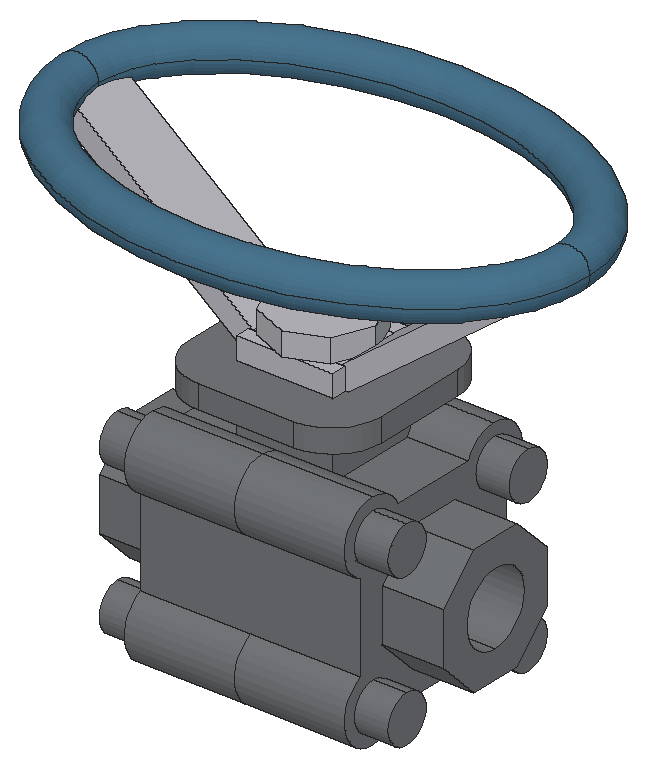
Revit family "321ACSWOH-Ball-Valve", category Pipe Accessories, Revit 2018
Family settings
  Round Connector Dimension = Use Diameter
  Part Type = Valve - Breaks Into
  OmniClass Number = 23.60.30.11.14
  OmniClass Title = Pipework Fittings
  Work Plane-Based = No
  Always vertical = Yes
  Cut with Voids When Loaded = No
  Shared = No
Parameters
  Z4 [instance] = size_lookup(LookupTable, "Z4", 0.000", Nominal Diameter)  # 0.800"
  Z3 [instance] = size_lookup(LookupTable, "Z3", 0.000", Nominal Diameter)  # 0.200"
  Weight [instance] = size_lookup(LookupTable, "Weight", "NA", Nominal Diameter)  # "2.29 lbs."
  URL = "http://www.fnw.com"
  Standards Lookup Table = "Standards"  # constant formula
  R3 [instance] = size_lookup(LookupTable, "R3", 0.000", Nominal Diameter)  # 0.91924"
  Product ID Handle [instance] = size_lookup(LookupTable, "ProductIDHandle", "NA", Nominal Diameter)  # "4448698"
  Product ID [instance] = size_lookup(LookupTable, "ProductID", "NA", Nominal Diameter)  # "4106228"
  Pipe Diameter [instance] = size_lookup(Standards Lookup Table, "copper", 0.000", Nominal Diameter)  # 0.625"
  Pins [instance] = Lm / 2  # 0.650"
  Pin Length [instance] = X2 * 4 + X3  # 2.4726"
  Pin Diameter [instance] = size_lookup(LookupTable, "m", 0.000", Nominal Diameter)  # 0.400"
  Pin Bung [instance] = Pin Diameter * 1.5  # 0.600"
  Part Number Handle [instance] = size_lookup(LookupTable, "PartNumberHandle", "NA", Nominal Diameter)  # "FNW320AOHBF"
  Part Number [instance] = size_lookup(LookupTable, "PartNumber", "NA", Nominal Diameter)  # "FNW321ACSWD"
  PIpe Radius [instance] = Pipe Diameter / 2  # 0.3125"
  Insert [instance] = size_lookup(LookupTable, "insert", 0.000", Nominal Diameter)  # 0.430"
  Manufacturer = "FNW"  # constant formula
  Lm [instance] = size_lookup(LookupTable, "lm", 0.000", Nominal Diameter)  # 1.300"
  Grip Pin4 [instance] = X3 / 2 + (X2 * 2)  # 1.2363"
  Gear [instance] = D3_Half - 0.063"  # 0.3495"
  Description BOM Handle [instance] = size_lookup(LookupTable, "Description_BOMHandle", "NA", Nominal Diameter)  # "1/4 - 3/4 OVAL Handle Kit 320A BV"
  Description BOM [instance] = size_lookup(LookupTable, "Description_BOM", "NA", Nominal Diameter)  # "1/2 CS Stainless Steel 2000# 250# Steam Socket Weld 3 Piece"
  Z2 [instance] = size_lookup(LookupTable, "Z2", 0.000", Nominal Diameter)  # 0.300"
  Z1 [instance] = size_lookup(LookupTable, "Z1", 0.000", Nominal Diameter)  # 0.920"
  X3 [instance] = size_lookup(LookupTable, "X3", 0.000", Nominal Diameter)  # 1.2926"
  X2 [instance] = size_lookup(LookupTable, "X2", 0.000", Nominal Diameter)  # 0.295"
  X1 [instance] = size_lookup(LookupTable, "X1", 0.000", Nominal Diameter)  # 0.5337"
  Show Lever Clearance [instance] = no
  R2 [instance] = size_lookup(LookupTable, "R2", 0.000", Nominal Diameter)  # 0.71924"
  R1_Diam [instance] = R1 * 2  # 1.100"
  R1 [instance] = size_lookup(LookupTable, "R1", 0.000", Nominal Diameter)  # 0.550"
  Nominal Radius [instance] = Nominal Diameter / 2  # 0.250"
  Nominal Diameter [instance] = 0.500"
  LookupTable = "321ACSWOH-Ball-Valve"  # constant formula
  HexAngle1 [instance] = 135.00°  # constant formula
  D4 [instance] = size_lookup(LookupTable, "D4", 0.000", Nominal Diameter)  # 0.375"
  D3_Half [instance] = D3 / 2  # 0.4125"
  D3 [instance] = size_lookup(LookupTable, "D3", 0.000", Nominal Diameter)  # 0.825"
  D2_Half [instance] = D2 / 2  # 0.61875"
  D2 [instance] = size_lookup(LookupTable, "D2", 0.000", Nominal Diameter)  # 1.2375"
  D1_Half [instance] = D1 / 2  # 0.825"
  D1 [instance] = size_lookup(LookupTable, "D1", 0.000", Nominal Diameter)  # 1.650"
  Body_W [instance] = Lm / 2 + 0.125"  # 0.775"
  3_Z3 [instance] = size_lookup(LookupTable, "3_Z3", 0.000", Nominal Diameter)  # 1.3225"
  3_Z1 [instance] = size_lookup(LookupTable, "3_Z1", 0.000", Nominal Diameter)  # 1.500"
  3_Y1 [instance] = size_lookup(LookupTable, "3_Y1", 0.000", Nominal Diameter)  # 2.800"
  3_X3 [instance] = size_lookup(LookupTable, "3_X3", 0.000", Nominal Diameter)  # 0.825"
  3_X1 [instance] = size_lookup(LookupTable, "3_X1", 0.000", Nominal Diameter)  # 4.210"
  3_L1 [instance] = size_lookup(LookupTable, "3_L1", 0.000", Nominal Diameter)  # 0.1875"
  3_D1 [instance] = size_lookup(LookupTable, "3_D1", 0.000", Nominal Diameter)  # 0.355"
Reference planes (in)
  plane 1 "Center (Front/Back)": y = 0
  plane 2: z = 0
  plane 3 "Center (Left/Right)": x = 0
  plane 4 "X7 End": x = -1.475
  plane 5: x = -0.6463
  plane 6: x = 0.6463
  plane 7 "Pipe radius": z = 0.3125
  plane 8: z = 0.55
  plane 9: z = 0.92
  plane 10: z = 1.22
  plane 11 "top of pad": z = 1.42
  plane 12: x = 0.9413
  plane 13: x = -1.045
  plane 14: y = -0.65
  plane 15: z = -0.65
  plane 16: z = 0.65
  plane 17: y = 0.65
  plane 18: x = 10.098
  plane 19: y = 2.5
  plane 20: y = -2.5
  plane 21: y = -0.65
  plane 22: z = -0.65
  plane 23: z = 0.65
  plane 24: y = 0.65
  plane 25: through (0, 0, 0) normal (0, 0.7071, -0.7071)
  plane 26: through (0, 0, 0) normal (0, 0.7071, 0.7071)
  plane 27: y = -0.65
  plane 28: y = 0.65
  plane 29: y = -1.465
  plane 30: z = -1.465
  plane 31: z = 1.465
  plane 32: y = 1.465
  plane 33 "Pin Plane": x = -1.2363
  plane 34 "NPT 3": x = 1.475
  plane 35: x = 1.2363
  plane 36: z = -1.27275
  plane 37 "LM": z = 1.27275
  plane 38: x = -0.9413
  plane 39: x = 1.045
Forms (in)
  Extrusion 1, solid, material "Steel, Black", not visible
    sketch origin (-1.0872, 0, 0) x (0, 0, 1) y (0, -1, 0)
      loop
        circle (0, 0) r 0.25
    from 0.0422 to 2.1322
  Extrusion 2, solid, material "Steel, Black"
    sketch origin (1.4276, 0, 0) x (0, 0, 1) y (0, -1, 0)
      loop
        line (-0.22782, -0.55) -> (0.22782, -0.55) -> (0.55, -0.22782) -> (0.55, 0.22782) -> (0.22782, 0.55) -> (-0.22782, 0.55) -> (-0.55, 0.22782) -> (-0.55, -0.22782) -> (-0.22782, -0.55)
      loop
        circle (0, 0) r 0.3125
    from -2.9026 to 0.0474
  Extrusion 3, solid, material "Steel, Black"
    sketch origin (0, 0, 0.865) x (-1, 0, 0) y (0, -1, 0)
      loop
        arc (0.40833, -0.825) -> (0.70296, -0.70296) -> (0.825, -0.40833) r 0.41667
        line (0.825, -0.40833) -> (0.825, 0.40833)
        arc (0.825, 0.40833) -> (0.70296, 0.70296) -> (0.40833, 0.825) r 0.41667
        line (0.40833, 0.825) -> (-0.40833, 0.825)
        arc (-0.40833, 0.825) -> (-0.70296, 0.70296) -> (-0.825, 0.40833) r 0.41667
        line (-0.825, 0.40833) -> (-0.825, -0.40833)
        arc (-0.825, -0.40833) -> (-0.70296, -0.70296) -> (-0.40833, -0.825) r 0.41667
        line (-0.40833, -0.825) -> (0.40833, -0.825)
      loop
        circle (0, 0) r 0.4125
      loop
        circle (0, 0) r 0.3495
    from 0.355 to 0.555
  Extrusion 4, solid, material "Steel, Black"
    sketch origin (0, 0, 0.865) x (-1, 0, 0) y (0, -1, 0)
      loop
        line (0.4125, -0.4125) -> (0.4125, 0.4125) -> (-0.4125, 0.4125) -> (-0.4125, -0.4125) -> (0.4125, -0.4125)
    from -0.5525 to 0.355
  Extrusion 5, solid, material "Steel, Black"
    sketch origin (0, 0, 0.865) x (-1, 0, 0) y (0, -1, 0)
      loop
        line (0.21875, -0.21875) -> (0.21875, 0.21875) -> (-0.21875, 0.21875) -> (-0.21875, -0.21875) -> (0.21875, -0.21875)
    from 0.055 to 0.555
  Extrusion 6, solid, material "Steel, Black"
    sketch origin (-1.0872, 0, 0) x (0, 0, 1) y (0, -1, 0)
      loop
        circle (0.65, 0.65) r 0.2
      loop
        circle (0.65, -0.65) r 0.2
      loop
        circle (-0.65, -0.65) r 0.2
      loop
        circle (-0.65, 0.65) r 0.2
    from -0.1491 to 2.3235
  Extrusion 7, solid, material "Steel, Black"
    sketch origin (-1.0872, 0, 0) x (0, 0, 1) y (0, -1, 0)
      loop
        circle (0.65, -0.65) r 0.3
      loop
        circle (0.65, 0.65) r 0.3
      loop
        circle (-0.65, 0.65) r 0.3
      loop
        circle (-0.65, -0.65) r 0.3
    from 0.1459 to 1.0872
  Extrusion 8, solid, material "Steel, Black"
    sketch origin (-1.0872, 0, 0) x (0, 0, 1) y (0, -1, 0)
      loop
        circle (0.65, -0.65) r 0.3
      loop
        circle (0.65, 0.65) r 0.3
      loop
        circle (-0.65, 0.65) r 0.3
      loop
        circle (-0.65, -0.65) r 0.3
    from 1.0872 to 2.0285
  Extrusion 9, solid, material "Steel, Black"
    sketch origin (-1.2363, 0, 0) x (0, 0, 1) y (0, -1, 0)
      loop
        line (0.775, -0.775) -> (0.775, 0.775) -> (-0.775, 0.775) -> (-0.775, -0.775) -> (0.775, -0.775)
    from 0.295 to 2.1776
Cuts and joins
  joined: Extrusion 7, Extrusion 8, Extrusion 9
Dimensions and locks (in)
  "PIpe Radius": plane 7 "Pipe radius" to plane 2
  "R1": Extrusion 2 sketch curve to plane 1 "Center (Front/Back)"
  "R1": plane 1 "Center (Front/Back)" to Extrusion 2 sketch curve  (x5)
  "R1": plane 2 to Extrusion 2 sketch curve  (x2)
  "R1": plane 8 to plane 2
  "Z1": plane 9 to plane 2
  "Z2": plane 10 to plane 9
  "Z3": plane 11 "top of pad" to plane 10
  "D1_Half": Extrusion 3 sketch curve to plane 3 "Center (Left/Right)"
  "D1_Half": plane 3 "Center (Left/Right)" to Extrusion 3 sketch curve
  "D1_Half": plane 1 "Center (Front/Back)" to Extrusion 3 sketch curve
  "D1_Half": Extrusion 3 sketch curve to plane 1 "Center (Front/Back)"
  "D3_Half": Extrusion 4 sketch curve to plane 3 "Center (Left/Right)"
  "D3_Half": plane 3 "Center (Left/Right)" to Extrusion 4 sketch curve
  "D3_Half": plane 1 "Center (Front/Back)" to Extrusion 4 sketch curve  (x2)
  equal spacing: Extrusion 5 sketch curve, plane 1 "Center (Front/Back)", Extrusion 5 sketch curve
  Extrusion 5 sketch curve to Extrusion 5 sketch curve = 0.4375"  (x2)
  equal spacing: Extrusion 5 sketch curve, plane 3 "Center (Left/Right)", Extrusion 5 sketch curve
  "Pins": plane 2 to plane 16
  "Pins": plane 2 to plane 15
  "Pins": plane 1 "Center (Front/Back)" to plane 14
  "Pins": plane 17 to plane 1 "Center (Front/Back)"
  equal spacing: plane 19, plane 1 "Center (Front/Back)", plane 20
  plane 19 to plane 20 = 5.000"
  "Pins": plane 24 to plane 1 "Center (Front/Back)" to plane 21
  "Pins": plane 22 to plane 2 to plane 23
  plane 28 to plane 27 = 1.300"
  equal spacing: plane 28, plane 1 "Center (Front/Back)", plane 27
  "Lm": plane 28 to plane 27
  plane 32 to plane 29 = 2.930"
  plane 30 to plane 31 = 2.930"
  "X2": plane 12 to plane 6
  equal spacing: plane 6, plane 3 "Center (Left/Right)", plane 5
  "X3": plane 6 to plane 5
  "X1": plane 34 "NPT 3" to plane 12
  "Grip Pin4": Extrusion 6 to plane 3 "Center (Left/Right)"
  "X2": plane 35 to plane 12
  "Body_W": Extrusion 9 sketch curve to plane 2
  "Body_W": plane 1 "Center (Front/Back)" to Extrusion 9 sketch curve
  "Body_W": plane 2 to Extrusion 9 sketch curve
  "Body_W": Extrusion 9 sketch curve to plane 1 "Center (Front/Back)"
  "X2": plane 5 to plane 38
  "X2": plane 38 to plane 33 "Pin Plane"
  "X1": plane 38 to plane 4 "X7 End"
  "Insert": plane 4 "X7 End" to plane 13
  "Insert": plane 34 "NPT 3" to plane 39
  "Nominal Radius": radius of Extrusion 1 sketch curve
  "PIpe Radius": radius of Extrusion 2 sketch curve
  radius of Extrusion 3 sketch curve = 0.41667"  (x4)
  "D3_Half": radius of Extrusion 3 sketch curve
  "Gear": radius of Extrusion 3 sketch curve
  "Pin Diameter": diameter of Extrusion 6 sketch curve  (x4)
  "Pin Bung": diameter of Extrusion 7 sketch curve  (x4)
  "Pin Bung": diameter of Extrusion 8 sketch curve  (x4)
  angle Extrusion 2 sketch curve to Extrusion 2 sketch curve = 135.00°  (x7)
  aligned and locked: plane 2 to level
  aligned and locked: plane 4 "X7 End" to Extrusion 2
  aligned and locked: Extrusion 3 to plane 10
  aligned and locked: plane 11 "top of pad" to Extrusion 3
  aligned and locked: Extrusion 4 to plane 7 "Pipe radius"
  aligned and locked: Extrusion 1 to plane 13
  aligned and locked: plane 10 to Extrusion 4
  aligned and locked: Extrusion 5 to plane 9
  aligned and locked: plane 12 to Extrusion 8
  aligned and locked: Extrusion 2 to plane 34 "NPT 3"
  aligned and locked: plane 11 "top of pad" to Extrusion 5
  aligned and locked: Extrusion 6 to plane 33 "Pin Plane"
  aligned and locked: plane 3 "Center (Left/Right)" to Extrusion 7
  aligned and locked: Extrusion 8 to plane 3 "Center (Left/Right)"
  aligned and locked: cut or joined group of Extrusion 7, Extrusion 8, Extrusion 9 to plane 38  (x2)
  aligned and locked: plane 38 to cut or joined group of Extrusion 7, Extrusion 8, Extrusion 9
  aligned and locked: plane 39 to Extrusion 1
  aligned and locked: plane 12 to Extrusion 9
Automatic sketch dimensions
  Extrusion 1 sketch curve to level = 0.000"
  Extrusion 1 sketch curve to plane 1 "Center (Front/Back)" = 0.000"
  Extrusion 2 sketch curve to level = 0.000"
  Extrusion 2 sketch curve to plane 1 "Center (Front/Back)" = 0.000"
  Extrusion 3 sketch curve to Extrusion 3 sketch curve = 0.000"  (x2)
  plane 1 "Center (Front/Back)" to Extrusion 3 sketch curve = 0.000"
  Extrusion 3 sketch curve to plane 3 "Center (Left/Right)" = 0.000"
  Extrusion 6 sketch curve to plane 15 = 0.000"  (x2)
  Extrusion 6 sketch curve to plane 14 = 0.000"  (x2)
  plane 16 to Extrusion 6 sketch curve = 0.000"  (x2)
  Extrusion 6 sketch curve to plane 17 = 0.000"  (x2)
  Extrusion 7 sketch curve to plane 21 = 0.000"  (x2)
  Extrusion 7 sketch curve to plane 22 = 0.000"  (x2)
  plane 23 to Extrusion 7 sketch curve = 0.000"  (x2)
  Extrusion 7 sketch curve to plane 24 = 0.000"  (x2)
  plane 25 to Extrusion 8 sketch curve = 0.000"  (x2)
  Extrusion 8 sketch curve to plane 27 = 0.000"  (x2)
  plane 26 to Extrusion 8 sketch curve = 0.000"  (x2)
  Extrusion 8 sketch curve to plane 28 = 0.000"  (x2)
Nested families (in)
  nested 1: "Oval Handle 321ACSWOH" at (0, 0, 1.42) x (-1, 0, 0) z (0, 0, 1), 3_D1 <- "3_D1", 3_L1 <- "3_L1", 3_X1 <- "3_X1", 3_X3 <- "3_X3", 3_Y1 <- "3_Y1", 3_Z1 <- "3_Z1", 3_Z3 <- "3_Z3", D3 <- "D3", Z3 <- "Z3", Description BOM <- "Description BOM Handle", Part Number <- "Product ID Handle", Product ID <- "Product ID Handle", type "Oval Handle 321ACSWOH"
    with b 2.105", a 1.22375", Z3 0.200", Show Lever Clearance yes, Product ID "4448698", Part Number "4448698", Description BOM "1/4 - 3/4 OVAL Handle Kit 320A BV", D3 0.825", Center of Oval Handle 1.41125", Angle Hex Head 135.00°, 3_Z3 1.3225", 3_Z2 0.125", 3_Z1 1.500", 3_Y1 2.800", 3_X3 0.825", 3_X1 4.210", 3_L1_Half 0.09375", 3_L1 0.1875", 3_D1_Radius 0.1775", 3_D1 0.355"
Connectors (in)
  piping at (-1.045, 0, 0), diameter 0.5, driven by "Nominal Diameter"
    settings: on Extrusion 1, index 1, connector inside diameter 24", connector length 0.000", flow factor 0, pipe flow 0 GPM, pressure drop 0.00 psi, fitting loss kfactor 0, connector angle 0.00°, fixture units 0, engagement length 0.000", angle of deflection 0.00°, flow configuration 0, flow direction 0, fitting loss method 0, system type 7, joint type 0, gender type 0, connector reference index 2, connector utility 0, adjustable connector no, is connector primary yes, connector description ""
  piping at (1.045, 0, 0), diameter 0.5, driven by "Nominal Diameter"
    settings: on Extrusion 1, index 2, connector inside diameter 24", connector length 0.000", flow factor 0, pipe flow 0 GPM, pressure drop 0.00 psi, fitting loss kfactor 0, connector angle 0.00°, fixture units 0, engagement length 0.000", angle of deflection 0.00°, flow configuration 0, flow direction 0, fitting loss method 0, system type 7, joint type 0, gender type 0, connector reference index 1, connector utility 0, adjustable connector no, is connector primary no, connector description ""
Definition of nested family "Oval Handle 321ACSWOH"
  Parameters (values of type "Oval Handle  320ASW")
    b [instance] = [3_X1] / 2  # 2.105"
    a [instance] = Center of Oval Handle - [3_L1]  # 1.34375"
    Z3 [instance] = 0.14279"
    Product ID [instance] = ""
    Part Number [instance] = ""
    Description BOM [instance] = ""
    D3 [instance] = 0.27676"
    Center of Oval Handle [instance] = ([3_Z1] - [3_Z3]) / 2 + ([3_Z3])  # 1.46875"
    Angle 2 = 45.00°  # constant formula
    Show Lever Clearance [instance] = yes
    Default Elevation = 48.000"
    Angle Hex Head [instance] = 135.00°  # constant formula
    3_Z3 [instance] = 1.3125"
    3_Z2 [instance] = 0.125"
    3_Z1 [instance] = 1.625"
    3_Y1 [instance] = 2.800"
    3_X3 [instance] = 0.5625"
    3_X1 [instance] = 4.210"
    3_L1_Half [instance] = [3_L1] / 2  # 0.0625"
    3_L1 [instance] = 0.125"
    3_D1_Radius [instance] = [3_D1] / 2  # 0.1565"
    3_D1 [instance] = 0.313"
  Reference planes (in)
    plane 1 "Center (Front/Back)": y = 0
    plane 2: z = 0
    plane 3 "Center (Left/Right)": x = 0
    plane 4: y = 1
    plane 5: y = -1
    plane 6: y = 1.03125
    plane 7: y = -1.03125
    plane 8: x = -0.28125
    plane 9: x = 0.28125
    plane 10 "Z3_Base": z = 0.125
    plane 11: z = -0.125
    plane 12: z = 1.625
    plane 13: z = 1.3125
    plane 14: x = -2.105
    plane 15: x = 2.105
    plane 16: x = -1.28
    plane 17: x = 1.28
    plane 18: x = -0.15625
    plane 19: x = 0.21875
    plane 20: y = 1.4
    plane 21 "Center of Oval Side View": y = -1.4
    plane 22 "Centerline Oval Handle": z = 1.46875
    plane 23: y = 0.28125
    plane 24: y = -0.28125
    plane 25: z = 0.26779
  Forms (in)
    Extrusion 1, solid
      sketch origin (0, 0, 0) x (1, 0, 0) y (0, 1, 0)
        loop
          line (-48, 48) -> (-48, -48) -> (48, -48) -> (48, 48) -> (-48, 48)
      from 0 to -12
    Sweep 2, solid
      path origin (0, 0, 1.46875) x (0, -1, 0) y (1, 0, 0)
        loop
          spline (0, -2.105) -> (0.36235, -2.03327) -> (0.7, -1.82298) -> (0.98995, -1.48846) -> (1.21244, -1.0525) -> (1.3523, -0.54481) -> (1.4, 0) -> (1.3523, 0.54481) -> (1.21244, 1.0525) -> (0.98995, 1.48846) -> (0.7, 1.82298) -> (0.36235, 2.03327) -> (0, 2.105)
          spline (0, 2.105) -> (-0.36235, 2.03327) -> (-0.7, 1.82298) -> (-0.98995, 1.48846) -> (-1.21244, 1.0525) -> (-1.3523, 0.54481) -> (-1.4, 0) -> (-1.3523, -0.54481) -> (-1.21244, -1.0525) -> (-0.98995, -1.48846) -> (-0.7, -1.82298) -> (-0.36235, -2.03327) -> (0, -2.105)
      profile origin (0, 1.4, 1.46875) x (0, 1, 0) y (0, 0, 1)
        loop
          circle (0, 0) r 0.1565
    Extrusion 3, solid
      sketch origin (0, 0, 0) x (1, 0, 0) y (0, 0, 1)
        loop
          line (-0.28125, -0.125) -> (-0.15625, -0.125) -> (-0.15625, 0) -> (0.21875, 0) -> (0.21875, -0.125) -> (0.28125, -0.125) -> (0.28125, 0.125) -> (-0.28125, 0.125) -> (-0.28125, -0.125)
      from -0.28125 to 0.28125
    Sweep 4, solid
      path origin (0, 0, 0) x (1, 0, 0) y (0, 0, 1)
        loop
          line (-2.105, 1.46875) -> (-0.28125, 0.0625) -> (0.28125, 0.0625) -> (2.105, 1.46875)
      profile origin (-1.19312, 0, 0.76563) x (0.610628, 0, 0.791917) y (0, -1, 0)
        loop
          line (0.0625, -0.28125) -> (0.0625, 0.28124) -> (-0.0625, 0.28124) -> (-0.0625, -0.28125) -> (0.0625, -0.28125)
    Extrusion 5, solid
      sketch origin (0, 0, 1.46875) x (0, -1, 0) y (1, 0, 0)
        loop
          line (0.14978, 0) -> (0.10591, 0.10591) -> (0, 0.14978) -> (-0.10591, 0.10591) -> (-0.14978, 0) -> (-0.10591, -0.10591) -> (0, -0.14978) -> (0.10591, -0.10591) -> (0.14978, 0)
      from -1.34375 to -1.20096
  Lines and regions (in)
    reference lines
      curve 1: line (0, 0, 3.375) -> (0, 0, -1.625)
  Text (in)
    text "3_X1 -Center of Sweep" at (6.95247, 0, 9.12543), in view "Front"
    text "3_Y1 - Other view Left Oval Center" at (8.35736, 0, 8.09025), in view "Front"
  Dimensions and locks (in)
    equal spacing: plane 4, plane 1 "Center (Front/Back)", plane 5
    plane 4 to plane 5 = 2.000"
    plane 5 to plane 7 = 0.03125"
    plane 6 to plane 4 = 0.03125"
    equal spacing: plane 9, plane 3 "Center (Left/Right)", plane 8
    "3_X3": plane 9 to plane 8
    "3_L1": plane 10 "Z3_Base" to plane 2
    "3_Z2": plane 2 to plane 11
    "3_Z1": plane 12 to plane 2
    "3_Z3": plane 13 to plane 2
    equal spacing: plane 14, plane 3 "Center (Left/Right)", plane 15
    "3_X1": plane 14 to plane 15
    plane 14 to plane 16 = 0.825"
    plane 15 to plane 17 = 0.825"
    "3_L1": plane 18 to plane 8
    "3_L1_Half": plane 19 to plane 9
    equal spacing: plane 20, plane 1 "Center (Front/Back)", plane 21 "Center of Oval Side View"
    "3_Y1": plane 20 to plane 21 "Center of Oval Side View"
    "Center of Oval Handle": plane 22 "Centerline Oval Handle" to plane 2
    equal spacing: plane 23, plane 1 "Center (Front/Back)", plane 24
    "3_X3": plane 23 to plane 24
    equal spacing: Sweep 4 sketch curve, profile plane, Sweep 4 sketch curve
    "3_L1": Sweep 4 sketch curve to Sweep 4 sketch curve
    "3_L1_Half": Sweep 4 sketch curve to plane 2
    equal spacing: Extrusion 5 sketch curve, curve 1, Extrusion 5 sketch curve  (x4)
    "D3": Extrusion 5 sketch curve to Extrusion 5 sketch curve  (x4)
    "Z3": plane 25 to plane 10 "Z3_Base"
    "3_D1_Radius": radius of Sweep 2 sketch curve
    "Angle Hex Head": angle Extrusion 5 sketch curve to Extrusion 5 sketch curve  (x7)
    aligned and locked: plane 2 to Extrusion 1
    aligned and locked: level to Extrusion 1
    aligned and locked: curve 1 to plane 3 "Center (Left/Right)"
    aligned and locked: plane 20 to Sweep 2 sketch curve
    aligned and locked: plane 21 "Center of Oval Side View" to Sweep 2 sketch curve
    aligned and locked: plane 15 to Sweep 2 sketch curve
    aligned and locked: plane 14 to Sweep 2 sketch curve
    aligned and locked: plane 23 to Extrusion 3
    aligned and locked: Extrusion 3 to plane 24
    aligned and locked: plane 14 to Sweep 4 sketch curve
    aligned and locked: plane 22 "Centerline Oval Handle" to Sweep 4 sketch curve  (x2)
    aligned and locked: plane 15 to Sweep 4 sketch curve
    aligned and locked: plane 10 "Z3_Base" to Extrusion 5
    aligned and locked: Extrusion 5 to plane 25
  Automatic sketch dimensions
    Extrusion 1 sketch curve to Extrusion 1 sketch curve = 96.000"  (x2)
    curve 1 to level = 1.625"
    level to curve 1 = 3.375"
    Extrusion 3 sketch curve to plane 8 = 0.000"
    Extrusion 3 sketch curve to plane 11 = 0.000"  (x2)
    Extrusion 3 sketch curve to plane 18 = 0.000"
    Extrusion 3 sketch curve to level = 0.000"
    Extrusion 3 sketch curve to plane 19 = 0.000"
    Extrusion 3 sketch curve to plane 9 = 0.000"
    Extrusion 3 sketch curve to plane 10 "Z3_Base" = 0.000"
    plane 22 "Centerline Oval Handle" to Sweep 2 sketch curve = 0.000"
    Sweep 2 sketch curve to profile plane = 0.000"
    Sweep 4 sketch curve to plane 8 = 0.000"
    Sweep 4 sketch curve to plane 9 = 0.000"
    Sweep 4 sketch curve to plane 1 "Center (Front/Back)" = 0.28125"
    plane 1 "Center (Front/Back)" to Sweep 4 sketch curve = 0.28124"
    plane 1 "Center (Front/Back)" to Extrusion 5 sketch curve = 0.000"
